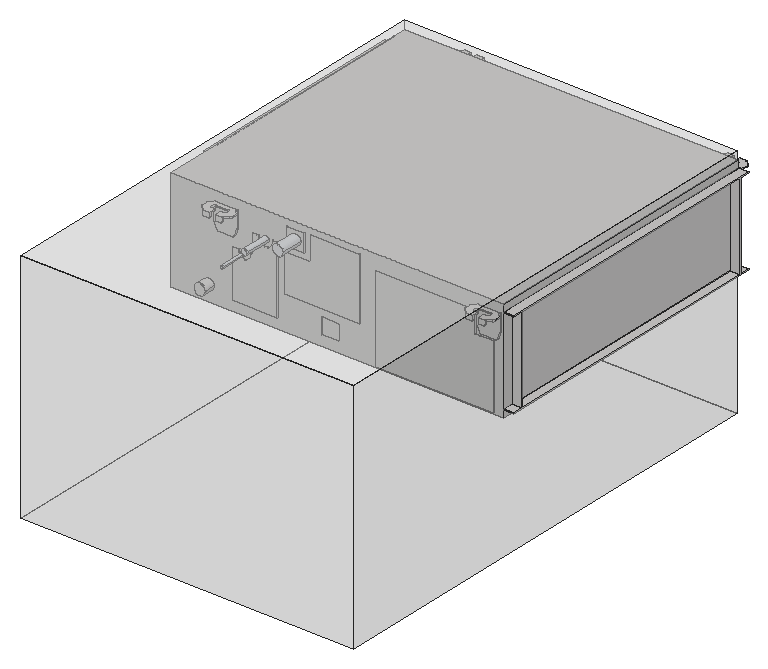
Revit family "outputfile", category 機械設備, Revit 2024
Family settings
  丸型コネクタ寸法 = 半径を使用
  パーツ タイプ = 標準
  OmniClass 番号 = 23.75.10.24.21.27.27
  OmniClass タイトル = Split System Air Conditioning Units
  作業面ベース = いいえ
  常に垂直 = はい
  ロード時にボイドで切り取り = いいえ
  注釈の向きを維持 = いいえ
  共有 = いいえ
  部屋計算ポイント = はい
Parameters (values of type "FXSQ40PAVE9")
  Description = ""
  製造元 = "Daikin"
  書き出し IFC クラス(タイプ) = "IfcUnitaryEquipmentType"
  定義済み IFC タイプ(タイプ) = "AIRCONDITIONINGUNIT"
  Cost = 0
  モデル = "FXSQ40PAVE9"
  Type Comments = ""
  Keynote = ""
  Type Image = (empty or 0)
  Assembly Code = ""
  r_Liquid Pipe Size = Liquid Pipe Size / 2  # 3.2 mm
  r_Gas Pipe Size = Gas Pipe Size / 2  # 6.35 mm
  r_Drain Pipe Size = Drain Pipe Size / 2  # 12.5 mm
  lw_power = 770.0 mm  # constant formula
  lh_SA = 138.0 mm  # constant formula
  lw_SA = if(Depth = 550.0 mm, 225.0 mm, if(Depth = 700.0 mm, 300.0 mm, if(Depth = 1000.0 mm, 450.0 mm, if(Depth = 1400.0 mm, 650.0 mm, 725.0 mm))))  # 300.0 mm
  lw_RA = if(Depth = 550.0 mm, 275.0 mm, if(Depth = 700.0 mm, 349.0 mm, if(Depth = 1000.0 mm, 499.0 mm, if(Depth = 1400.0 mm, 699.0 mm, 775.0 mm))))  # 349.0 mm
  lh_power = 60.0 mm + [h***]  # 60.0 mm
  lh_mountinghole1 = lh_mountinghole + [h***]  # 222.0 mm
  lh_RA = 123.0 mm  # constant formula
  ld_power = Depth / 2  # 350.0 mm
  Voltage_comment_60Hz = "220"
  Voltage_comment_50Hz = "220-240"
  Voltage_60Hz = 220 V
  Voltage_50Hz = 220 V
  URL = ""
  Supply Air Direction [instance] = yes
  Sound Power Level_H speed (dB) = 64
  Phase_60Hz = 1
  Phase_50Hz = 1
  Minimum External Static Pressure = 30.00 Pa
  Minimum Circuit Amps_60Hz = 1.4 A
  Minimum Circuit Amps_50Hz = 1.4 A
  Maximum Fuse Amps_60Hz = 16.0 A
  Maximum Fuse Amps_50Hz = 16.0 A
  Maximum External Static Pressure = 150.00 Pa
  Material_Casing = DAIKIN_GalvanizedSteel_Casing_indoorunit
  lw_mountinghole = 630.0 mm  # constant formula
  lh_gaspipe = 183.0 mm + [h***]  # 183.0 mm
  lh_mountinghole = 222.0 mm  # constant formula
  lh_liquidpipe = 136.0 mm + [h***]  # 136.0 mm
  lh_drainpipe = 207.0 mm + [h***]  # 207.0 mm
  lh_antena = Height - lh_mountinghole + 1.0 mm  # 24.0 mm
  ld_drainpipe = Depth / 2 + 53.0 mm  # 403.0 mm
  ld_liquidpipe = Depth / 2 + 69.0 mm  # 419.0 mm
  ld_gaspipe = Depth / 2 + 65.0 mm  # 415.0 mm
  ld_mountinghole = Depth + 38.0 mm  # 738.0 mm
  h*** = 0.0 mm  # constant formula
  lw_liquidpipe = 179.0 mm  # constant formula
  lw_gaspipe = 229.0 mm  # constant formula
  lw_drainpipe = 300.0 mm  # constant formula
  Width = 800.0 mm
  Version = "ver.1.0"
  Unit Type = "Middle Static Pressure Duct Type"
  Unit Mass Weight = 27.00 kg
  Unit Designation [instance] = ""
  Uniclass2015Version = "Products v1.30"
  Uniclass2015Title = "Variable refrigerant flow units"
  Uniclass2015Code = "Pr_70_65_03_94"
  Total Heating Capacity [instance] = 0.000 kW
  Total Cooling Capacity [instance] = 0.000 kW
  Sound Pressure Level_M speed (dBA) = 0
  Sound Pressure Level_L speed (dBA) = 30
  Sound Pressure Level_H speed (dBA) = 36
  Series = "VRV Fan Coil Unit"
  Sensible Cooling Capacity [instance] = 0.000 kW
  SA Duct Size Width = if(Depth = 550.0 mm, 337.0 mm, if(Depth = 700.0 mm, 492.0 mm, if(Depth = 1000.0 mm, 792.0 mm, if(Depth = 1400.0 mm, 1192.0 mm, 1337.0 mm))))  # 492.0 mm
  SA Duct Size Height = 176.0 mm
  Refrigerant Type = "R410A"
  RA Duct Size Width = if(Depth = 550.0 mm, 502.0 mm, if(Depth = 700.0 mm, 654.0 mm, if(Depth = 1000.0 mm, 952.0 mm, if(Depth = 1400.0 mm, 1352.0 mm, 1502.0 mm))))  # 654.0 mm
  RA Duct Size Height = 208.0 mm
  Power Input (Heating) = 0.157 kW
  Power Input (Cooling) = 0.162 kW
  Option Accessory 3 [instance] = ""
  Option Accessory 2 [instance] = ""
  Option Accessory 1 [instance] = ""
  Nominal Heating Capacity = 5.000 kW
  Nominal Cooling Capacity = 4.500 kW
  Minimum Airflow = 630.00 m³/h
  Median Airflow = 750.00 m³/h
  Maximum Airflow = 900.00 m³/h
  Load Classification = HVAC
  Liquid Pipe Size = 6.4 mm
  Link_Nested Family [instance] = ""
  IfcVersion = "0"
  IfcExportType = "AIRCONDITIONINGUNIT"
  IfcExportAs = "IfcUnitaryEquipmentType"
  Height = 245.0 mm
  Heating Entering Wet Bulb Temperature [instance] = 0.00 °C
  Heating Entering Dry Bulb Temperature [instance] = 0.00 °C
  Heating Ambient Wet Bulb Temperature [instance] = 0.00 °C
  Heating Ambient Dry Bulb Temperature [instance] = 0.00 °C
  Heat Exchanger Type = "Cross Fin Coil"
  Gas Pipe Size = 12.7 mm
  Frequency_60Hz = 60 Hz
  Frequency_50Hz = 50 Hz
  Fan Type = "Sirocco Fan"
  Fan Drive = "Direct Drive"
  FCU Tag No. [instance] = ""
  Drain Pipe Size = 25.0 mm
  Design Supply Airflow [instance] = 0.00 m³/h
  Design Return Airflow [instance] = 0.00 m³/h
  Design External Static Pressure [instance] = 0.00 Pa
  Depth = 700.0 mm
  既定の高さ = 0.0 mm
  Cooling Entering Wet Bulb Temperature [instance] = 0.00 °C
  Cooling Entering Dry Bulb Temperature [instance] = 0.00 °C
  Cooling Ambient Wet Bulb Temperature [instance] = 0.00 °C
  Cooling Ambient Dry Bulb Temperature [instance] = 0.00 °C
  Clearance visibility [instance] = yes
  Clearance Top = 20.0 mm
  Clearance Right = 0.0 mm
  Clearance Rear = 0.0 mm
  Clearance Left = 0.0 mm
  Clearance Front = 450.0 mm
  Clearance Bottom = 300.0 mm
Reference planes
  plane 1 "Center (Front/Back)": y = 0
  plane 2 "h": z = 0
  plane 3 "Center (Left/Right)": x = 0
  plane 4 "Back": y = 350
  plane 5 "Front": y = -350
  plane 6 "Left": x = -400
  plane 7 "Reight": x = 400
  plane 8 "Top": z = 0
  plane 9 "Bottom": z = -245
  plane 10: y = -215
  plane 11: y = 350
  plane 12: y = -800
  plane 13: x = -400
  plane 14: x = 400
  plane 15: z = 20
  plane 16: z = -545
  plane 17: x = -400
  plane 18: x = -399
  plane 19: x = 399
  plane 20: y = 50
  plane 21: y = -1
  plane 22: z = -122
  plane 23: y = -351
  plane 24: z = -109
  plane 25: x = -221
  plane 26: y = -415
  plane 27: z = -62
  plane 28: x = -171
  plane 29: y = -403
  plane 30: z = -38
  plane 31: x = -100
  plane 32: x = -100
  plane 33: x = -221
  plane 34: x = -171
  plane 35: x = 370
  plane 36: x = -266
  plane 37: x = 364
  plane 38: y = -369
  plane 39: y = 369
  plane 40: z = -23
  plane 41: z = -107
  plane 42: y = -420
  plane 43: z = -207
  plane 44: x = -309
  plane 45: y = -376
  plane 46: x = -251
  plane 47: x = -203
  plane 48: x = -144
  plane 49: z = -59
  plane 50: z = -106
  plane 51: z = -221
  plane 52: z = -109
  plane 53: x = -221
  plane 54: z = -62
  plane 55: x = -171
  plane 56: z = -17
  plane 57: z = -59
  plane 58: x = -121
  plane 59: x = -79
  plane 60: x = -125
  plane 61: x = -64
  plane 62: x = 53
  plane 63: z = -164
  plane 64: z = -73
  plane 65: z = -16
  plane 66: x = 93.5
  plane 67: x = 374.5
  plane 68: x = 330
  plane 69: z = -88.5
  plane 70: z = -38
  plane 71: z = -242.5
  plane 72: x = -38.5
  plane 73: x = 6.5
  plane 74: z = -181
  plane 75: z = -221
  plane 76: y = -349
  plane 77: x = -424
  plane 78: x = 424
Forms (mm)
  Extrusion 1, solid, material "DAIKIN_GalvanizedSteel_Casing_indoorunit" <- "Material_Casing"
    sketch origin (0, 0, 0) x (1, 0, 0) y (0, 1, 0)
      loop
        line (-399, 350) -> (-399, -350) -> (399, -350) -> (399, 350) -> (-399, 350)
    from -245 to 0
  Extrusion 2, solid, material "DAIKIN_GalvanizedSteel_Casing_indoorunit" <- "Material_Casing"
    sketch origin (0, 0, 0) x (1, 0, 0) y (0, 0, 1)
      loop
        line (-251, -221) -> (-144, -221) -> (-144, -59) -> (-154.47, -59)
        arc (-154.47, -59) -> (-171, -78.8) -> (-187.53, -59) r 16.8
        line (-187.53, -59) -> (-203, -59) -> (-203, -106) -> (-206.916, -106)
        arc (-206.916, -106) -> (-221, -123.4) -> (-235.084, -106) r 14.4
        line (-235.084, -106) -> (-251, -106) -> (-251, -221)
    from 350 to 351
  Extrusion 3, solid, material "DAIKIN_GalvanizedSteel_Casing_indoorunit" <- "Material_Casing"
    sketch origin (0, 0, 0) x (1, 0, 0) y (0, 0, 1)
      loop
        line (-121, -17) -> (-121, -59) -> (-79, -59) -> (-79, -17) -> (-121, -17)
      loop
        line (-125, -73) -> (-125, -164) -> (53, -164) -> (53, -16) -> (-64, -16) -> (-64, -73) -> (-125, -73)
    from 350 to 351
  Extrusion 4, solid, material "DAIKIN_GalvanizedSteel_Casing_indoorunit" <- "Material_Casing"
    sketch origin (0, 0, 0) x (1, 0, 0) y (0, 0, 1)
      loop
        line (93.5, -38) -> (93.5, -242.5) -> (374.5, -242.5) -> (374.5, -88.5) -> (330, -88.5) -> (330, -38) -> (93.5, -38)
    from 350 to 351
  Extrusion 5, solid
    sketch origin (0, 0, 0) x (1, 0, 0) y (0, 0, 1)
      loop
        circle (-221, -109) r 3.2
    from 350 to 420
  Extrusion 6, solid
    sketch origin (0, 0, 0) x (1, 0, 0) y (0, 0, 1)
      loop
        circle (-171, -62) r 6.35
    from 350 to 415
  Extrusion 7, solid
    sketch origin (0, 0, 0) x (1, 0, 0) y (0, 0, 1)
      loop
        circle (-100, -38) r 12.5
    from 351 to 403
  Extrusion 8, solid, material "DAIKIN_GalvanizedSteel_Casing_indoorunit" <- "Material_Casing"
    sketch origin (0, 0, 0) x (1, 0, 0) y (0, 0, 1)
      loop
        circle (-309, -207) r 13
    from 350 to 376
  Extrusion 9, void
    sketch origin (0, 0, 0) x (1, 0, 0) y (0, 0, 1)
      loop
        line (-38.5, -181) -> (-38.5, -221) -> (6.5, -221) -> (6.5, -181) -> (-38.5, -181)
    from 349 to 350
Cuts and joins
  Extrusion 9 cuts Extrusion 1
Dimensions and locks
  "Height": plane 8 "Top" to plane 9 "Bottom"
  equal spacing: plane 4 "Back", plane 1 "Center (Front/Back)", plane 5 "Front"
  "Depth": plane 4 "Back" to plane 5 "Front"
  equal spacing: plane 6 "Left", plane 3 "Center (Left/Right)", plane 7 "Reight"
  "Width": plane 6 "Left" to plane 7 "Reight"
  "Clearance Left": plane 13 to plane 6 "Left"
  "Clearance Right": plane 7 "Reight" to plane 14
  "Clearance Rear": plane 11 to plane 4 "Back"
  "Clearance Front": plane 5 "Front" to plane 12
  "Clearance Top": plane 15 to plane 8 "Top"
  "Clearance Bottom": plane 9 "Bottom" to plane 16
  locked: plane 17 to plane 18 at 1
  locked: plane 19 to plane 14 at 1
  "lw_SA": plane 11 to plane 20
  "lw_RA": plane 21 to plane 5 "Front"
  "lh_RA": plane 22 to plane 9 "Bottom"
  locked: plane 5 "Front" to plane 23 at 1
  "lw_liquidpipe": plane 25 to plane 6 "Left"
  "lh_liquidpipe": plane 24 to plane 9 "Bottom"
  "lh_gaspipe": plane 27 to plane 9 "Bottom"
  "lw_gaspipe": plane 28 to plane 6 "Left"
  "ld_gaspipe": plane 26 to plane 1 "Center (Front/Back)"
  "ld_drainpipe": plane 29 to plane 1 "Center (Front/Back)"
  "lh_drainpipe": plane 30 to plane 9 "Bottom"
  "lw_drainpipe": plane 31 to plane 6 "Left"
  "lw_drainpipe": plane 6 "Left" to plane 32
  "lw_liquidpipe": plane 6 "Left" to plane 33
  "lw_gaspipe": plane 6 "Left" to plane 34
  "lw_power": plane 6 "Left" to plane 35
  locked: plane 17 to plane 36 at 134
  "lw_mountinghole": plane 36 to plane 37
  equal spacing: plane 38, plane 1 "Center (Front/Back)", plane 39
  "ld_mountinghole": plane 39 to plane 38
  "lh_mountinghole": plane 40 to plane 9 "Bottom"
  "lh_SA": plane 41 to plane 9 "Bottom"
  "ld_liquidpipe": plane 21 to plane 42
  locked: plane 44 to plane 6 "Left" at 91
  locked: plane 43 to plane 9 "Bottom" at 38
  locked: plane 5 "Front" to plane 45 at 26
  plane 48 to plane 47 to plane 46 to plane 6 "Left" = 59.0 mm, 48.0 mm, 149.0 mm
  plane 8 "Top" to plane 49 to plane 50 to plane 51 = 59.0 mm locked, 47.0 mm locked, 115.0 mm locked
  plane 55 to plane 53 to plane 6 "Left" = 50.0 mm locked, 179.0 mm locked
  plane 54 to plane 52 to plane 9 "Bottom" = 47.0 mm locked, 136.0 mm locked
  plane 59 to plane 58 to plane 6 "Left" = 42.0 mm locked, 279.0 mm locked
  plane 8 "Top" to plane 56 to plane 57 = 17.0 mm locked, 42.0 mm locked
  plane 62 to plane 61 to plane 60 to plane 6 "Left" = 117.0 mm, 61.0 mm, 275.0 mm
  plane 8 "Top" to plane 65 to plane 64 = 16.0 mm locked, 57.0 mm locked
  locked: plane 65 to plane 63 at 148
  plane 8 "Top" to plane 70 to plane 69 to plane 71 = 38.0 mm locked, 50.5 mm locked, 154.0 mm locked
  plane 67 to plane 68 to plane 66 to plane 6 "Left" = 44.5 mm locked, 236.5 mm locked, 493.5 mm locked
  plane 8 "Top" to plane 74 to plane 75 = 181.0 mm locked, 40.0 mm locked
  plane 73 to plane 72 to plane 6 "Left" = 45.0 mm, 361.5 mm
  locked: plane 76 to plane 5 "Front" at 1
  locked: plane 77 to plane 17 at 24
  locked: plane 14 to plane 78 at 24
  "r_Liquid Pipe Size": radius of Extrusion 5 sketch curve
  "r_Gas Pipe Size": radius of Extrusion 6 sketch curve
  "r_Drain Pipe Size": radius of Extrusion 7 sketch curve
  aligned and locked: level to plane 2 "h"
  aligned and locked: plane 8 "Top" to Extrusion 1
  aligned and locked: Extrusion 1 to plane 9 "Bottom"
  aligned and locked: nested 5 to plane 12
  aligned and locked: plane 13 to nested 5
  aligned and locked: plane 14 to nested 5
  aligned and locked: nested 5 to plane 13
  aligned and locked: plane 11 to nested 5
  aligned and locked: plane 15 to nested 5
  aligned and locked: plane 16 to nested 5
  aligned and locked: plane 5 "Front" to Extrusion 1 sketch curve
  aligned and locked: Extrusion 1 to plane 18
  aligned and locked: plane 19 to Extrusion 1
  aligned and locked: nested 7 to plane 18
  aligned and locked: nested 7 to plane 20
  aligned and locked: plane 19 to nested 8
  aligned and locked: plane 21 to nested 8
  aligned and locked: plane 22 to nested 8
  aligned and locked: Extrusion 2 to plane 23
  aligned and locked: plane 5 "Front" to Extrusion 2
  aligned and locked: Extrusion 3 to plane 23
  aligned and locked: plane 5 "Front" to Extrusion 3
  aligned and locked: plane 5 "Front" to Extrusion 4
  aligned and locked: Extrusion 5 sketch curve to plane 25
  aligned and locked: plane 24 to Extrusion 5 sketch curve
  aligned and locked: plane 5 "Front" to Extrusion 5
  aligned and locked: Extrusion 6 sketch curve to plane 28
  aligned and locked: plane 27 to Extrusion 6 sketch curve
  aligned and locked: plane 5 "Front" to Extrusion 6
  aligned and locked: Extrusion 7 sketch curve to plane 31
  aligned and locked: Extrusion 7 sketch curve to plane 30
  aligned and locked: Extrusion 7 to plane 29
  aligned and locked: plane 23 to Extrusion 7
  aligned and locked: nested 3 to plane 29
  aligned and locked: plane 32 to nested 3
  aligned and locked: nested 2 to plane 33
  aligned and locked: nested 1 to plane 34
  aligned and locked: Extrusion 6 to plane 26
  aligned and locked: nested 1 to plane 26
  aligned and locked: nested 6 to plane 5 "Front"
  aligned and locked: nested 6 to plane 35
  aligned and locked: plane 36 to nested 10
  aligned and locked: nested 10 to plane 5 "Front"
  aligned and locked: plane 37 to nested 9
  aligned and locked: nested 9 to plane 5 "Front"
  aligned and locked: nested 11 to plane 36
  aligned and locked: plane 4 "Back" to nested 11
  aligned and locked: nested 12 to plane 37
  aligned and locked: plane 4 "Back" to nested 12
  aligned and locked: plane 40 to nested 10
  aligned and locked: plane 40 to nested 11
  aligned and locked: plane 40 to nested 9
  aligned and locked: plane 40 to nested 12
  aligned and locked: plane 36 to nested 14
  aligned and locked: nested 14 to plane 39
  aligned and locked: plane 37 to nested 13
  aligned and locked: nested 13 to plane 39
  aligned and locked: plane 37 to nested 16
  aligned and locked: plane 38 to nested 16
  aligned and locked: plane 38 to nested 15
  aligned and locked: plane 36 to nested 15
  aligned and locked: plane 17 to plane 6 "Left"
  aligned and locked: plane 41 to nested 7
  aligned and locked: Extrusion 5 to plane 42
  aligned and locked: nested 2 to plane 42
  aligned and locked: Extrusion 8 sketch curve to plane 44
  aligned and locked: plane 43 to Extrusion 8 sketch curve
  aligned and locked: plane 5 "Front" to Extrusion 8
  aligned and locked: plane 45 to Extrusion 8
  aligned and locked: Extrusion 3 sketch curve to plane 56
  aligned and locked: Extrusion 3 sketch curve to plane 58
  aligned and locked: plane 57 to Extrusion 3 sketch curve
  aligned and locked: plane 59 to Extrusion 3 sketch curve
  aligned and locked: Extrusion 4 to plane 23
  aligned and locked: Extrusion 9 sketch curve to plane 74
  aligned and locked: plane 75 to Extrusion 9 sketch curve
  aligned and locked: plane 73 to Extrusion 9 sketch curve
  aligned and locked: plane 5 "Front" to Extrusion 9
  aligned and locked: plane 76 to Extrusion 9
  aligned and locked: nested 17 to plane 20
  aligned and locked: nested 17 to plane 77
  aligned and locked: plane 21 to nested 18
  aligned and locked: plane 78 to nested 18
  aligned and locked: plane 41 to nested 17
  aligned and locked: nested 18 to plane 22
  aligned and locked: nested 4 to plane 3 "Center (Left/Right)"
  aligned and locked: plane 1 "Center (Front/Back)" to nested 4
  aligned and locked: plane 8 "Top" to level
Automatic sketch dimensions
  plane 6 "Left" to Extrusion 1 sketch curve = 1.0 mm
  Extrusion 1 sketch curve to plane 7 "Reight" = 1.0 mm
  Extrusion 1 sketch curve to plane 4 "Back" = 0.0 mm
  Extrusion 2 sketch curve to plane 46 = 0.0 mm
  Extrusion 2 sketch curve to plane 33 = 0.0 mm
  Extrusion 2 sketch curve to plane 47 = 0.0 mm
  Extrusion 2 sketch curve to plane 34 = 0.0 mm
  Extrusion 2 sketch curve to plane 48 = 0.0 mm
  Extrusion 2 sketch curve to plane 51 = 0.0 mm
  Extrusion 2 sketch curve to plane 52 = 0.0 mm
  Extrusion 2 sketch curve to plane 50 = 0.0 mm  (x3)
  Extrusion 2 sketch curve to plane 54 = 0.0 mm
  Extrusion 2 sketch curve to plane 49 = 0.0 mm  (x3)
  plane 33 to Extrusion 2 sketch curve = 14.084 mm
  plane 34 to Extrusion 2 sketch curve = 16.53 mm
  Extrusion 3 sketch curve to plane 60 = 0.0 mm
  Extrusion 3 sketch curve to plane 61 = 0.0 mm
  Extrusion 3 sketch curve to plane 62 = 0.0 mm
  Extrusion 3 sketch curve to plane 63 = 0.0 mm
  Extrusion 3 sketch curve to plane 64 = 0.0 mm
  Extrusion 3 sketch curve to plane 65 = 0.0 mm
  Extrusion 4 sketch curve to plane 66 = 0.0 mm
  Extrusion 4 sketch curve to plane 68 = 0.0 mm
  Extrusion 4 sketch curve to plane 67 = 0.0 mm
  Extrusion 4 sketch curve to plane 71 = 0.0 mm
  Extrusion 4 sketch curve to plane 69 = 0.0 mm
  Extrusion 4 sketch curve to plane 70 = 0.0 mm
  Extrusion 9 sketch curve to plane 72 = 0.0 mm
  radius of Extrusion 8 sketch curve = 13.0 mm
Nested families
  nested 1: "daikin_connector_rotate2" at (-171, 0, -62), length <- "ld_gaspipe", built-in parameter 1001364 <- "lh_gaspipe", radius <- "r_Gas Pipe Size", type "daikin_connector_rotate2"
    with radius 6.35 mm, length 415.0 mm, angle_vertical 90.00°
  nested 2: "daikin_connector_rotate2" at (-221, -1, -109), length <- "ld_liquidpipe", built-in parameter 1001364 <- "lh_liquidpipe", radius <- "r_Liquid Pipe Size", type "daikin_connector_rotate2"
    with radius 3.2 mm, length 419.0 mm, angle_vertical 90.00°
  nested 3: "daikin_connector_rotate2" at (-100, 0, -38), length <- "ld_drainpipe", built-in parameter 1001364 <- "lh_drainpipe", radius <- "r_Drain Pipe Size", type "daikin_connector_rotate2"
    with radius 12.5 mm, length 403.0 mm, angle_vertical 90.00°
  nested 4: "daikin_△_symbolicline" at (0, 0, 245) x (0, -1, 0) z (0, 0, 1), built-in parameter 1001364 <- "Height", visible <- "Supply Air Direction", type "daikin_△_symbolicline"
    with length 200.0 mm
  nested 5: "daikin_clearancespace" at (0, -225, -262.381), visible <- "Clearance visibility", show <- "Clearance visibility", Link_Nested Family <- "Link_Nested Family", type "daikin_clearancespace"
    with width 800.0 mm, show yes, height 565.0 mm, depth 1150.0 mm, Link_Nested Family ""
  nested 6: "daikin_connector_rotate2" at (370, 0, -185), built-in parameter 1001364 <- "lh_power", length <- "ld_power", type "daikin_connector_rotate2"
    with radius 10.0 mm, length 350.0 mm, angle_vertical 90.00°
  nested 7: "daikin_ductflange_FXSQ-PAVE9_2" at (-399, 50, -107) x (0, -1, 0) z (0, 0, 1), type "daikin_ductflange_FXSQ-PAVE9_2"
    with width 492.0 mm, w 700.0 mm
  nested 8: "daikin_ductflange_FXSQ-PAVE9_1" at (399, -1, -122) x (0, 1, 0) z (0, 0, 1), type "daikin_ductflange_FXSQ-PAVE9_1"
    with width 654.0 mm, w 700.0 mm
  nested 9: "daikin_hangerfixture_FXSQ-PAVE9" at (364, -350, -23), type "daikin_hangerfixture_FXSQ-PAVE9"
  nested 10: "daikin_hangerfixture_FXSQ-PAVE9" at (-266, -350, -23), type "daikin_hangerfixture_FXSQ-PAVE9"
  nested 11: "daikin_hangerfixture_FXSQ-PAVE9" at (-266, 350, -23) x (-1, 0, 0) z (0, 0, 1), type "daikin_hangerfixture_FXSQ-PAVE9"
  nested 12: "daikin_hangerfixture_FXSQ-PAVE9" at (364, 350, -23) x (-1, 0, 0) z (0, 0, 1), type "daikin_hangerfixture_FXSQ-PAVE9"
  nested 13: "daikin_mountinghole" at (364, 369, -245), h_mountinghole <- "lh_mountinghole1", l_antenna <- "lh_antena", Link_Nested Family <- "Link_Nested Family", type "daikin_mountinghole"
    with show yes, l_antenna 24.0 mm, h_mountinghole 222.0 mm, Link_Nested Family ""
  nested 14: "daikin_mountinghole" at (-266, 369, -245), h_mountinghole <- "lh_mountinghole1", l_antenna <- "lh_antena", Link_Nested Family <- "Link_Nested Family", type "daikin_mountinghole"
    with show yes, l_antenna 24.0 mm, h_mountinghole 222.0 mm, Link_Nested Family ""
  nested 15: "daikin_mountinghole" at (-266, -369, -245), h_mountinghole <- "lh_mountinghole1", l_antenna <- "lh_antena", Link_Nested Family <- "Link_Nested Family", type "daikin_mountinghole"
    with show yes, l_antenna 24.0 mm, h_mountinghole 222.0 mm, Link_Nested Family ""
  nested 16: "daikin_mountinghole" at (364, -369, -245), h_mountinghole <- "lh_mountinghole1", l_antenna <- "lh_antena", Link_Nested Family <- "Link_Nested Family", type "daikin_mountinghole"
    with show yes, l_antenna 24.0 mm, h_mountinghole 222.0 mm, Link_Nested Family ""
  nested 17: "daikin_connector_rotate2" at (-400, 50, -107) x (0, -1, 0) z (0, 0, 1), type "daikin_connector_rotate2"
    with radius 10.0 mm, length 24.0 mm, angle_vertical 90.00°
  nested 18: "daikin_connector_rotate2" at (400, -1, -122) x (0, 1, 0) z (0, 0, 1), type "daikin_connector_rotate2"
    with radius 10.0 mm, length 24.0 mm, angle_vertical 90.00°
Connectors
  piping at (-100, -403, -38), diameter 25, driven by "r_Drain Pipe Size"
    settings: on nested 3, index 3, connector inside diameter 609.6 mm, connector length 0.0 mm, flow factor 0, pipe flow 0.00 m³/h, pressure drop 0.0 Pa, fitting loss kfactor 0, connector angle 0.00°, fixture units 0, engagement length 0.0 mm, angle of deflection 0.00°, flow configuration 1, flow direction 2, fitting loss method 4, system type 16, joint type 0, gender type 0, connector reference index -1, connector utility 0, adjustable connector no, is connector primary yes, connector description "Condensate Drain Piping"
  piping at (-171, -415, -62), diameter 12.7, driven by "r_Gas Pipe Size"
    settings: on nested 1, index 4, connector inside diameter 609.6 mm, connector length 0.0 mm, flow factor 0, pipe flow 0.00 m³/h, pressure drop 0.0 Pa, fitting loss kfactor 0, connector angle 0.00°, fixture units 0, engagement length 0.0 mm, angle of deflection 0.00°, flow configuration 1, flow direction 2, fitting loss method 0, system type 29, joint type 0, gender type 0, connector reference index -1, connector utility 0, adjustable connector no, is connector primary no, connector description "Refrigerant Gas Piping"
  piping at (-221, -420, -109), diameter 6.4, driven by "r_Liquid Pipe Size"
    settings: on nested 2, index 5, connector inside diameter 609.6 mm, connector length 0.0 mm, flow factor 0, pipe flow 0.00 m³/h, pressure drop 0.0 Pa, fitting loss kfactor 0, connector angle 0.00°, fixture units 0, engagement length 0.0 mm, angle of deflection 0.00°, flow configuration 1, flow direction 1, fitting loss method 0, system type 29, joint type 0, gender type 0, connector reference index -1, connector utility 0, adjustable connector no, is connector primary no, connector description "Refrigerant Liquid Piping"
  electrical at (370, -350, -185), driven by "Load Classification"
    settings: on nested 6, index 6, voltage 0 V, apparent load 0 VA, apparent load phase1 0 VA, apparent load phase2 0 VA, apparent load phase3 0 VA, power factor 1, load classification "HVAC", number of poles 1, system type 30, power factor state 1, is connector primary yes, connector utility no, sub classification motor no, connector description "Power Supply"
  hvac at (-424, 50, -107), driven by "SA Duct Size Height", driven by "SA Duct Size Width"
    settings: on nested 17, index 7, duct flow 0.00 m³/h, flow factor 0, pres drop 0.00 Pa, loss coef 0, conn angle 0.00°, conn width 492.0 mm, conn height 176.0 mm, conn diameter 609.6 mm, duct sys type 1, conn prof type 1, flow config 0, flow direction 2, loss method 4, conn ref index -1, conn util no, is conn primary yes, conn desc "SA Duct"
  hvac at (424, -1, -122), driven by "RA Duct Size Height", driven by "RA Duct Size Width"
    settings: on nested 18, index 8, duct flow 0.00 m³/h, flow factor 0, pres drop 0.00 Pa, loss coef 0, conn angle 0.00°, conn width 654.0 mm, conn height 208.0 mm, conn diameter 609.6 mm, duct sys type 2, conn prof type 1, flow config 0, flow direction 1, loss method 4, conn ref index -1, conn util no, is conn primary no, conn desc "RA Duct"
Definition of nested family "daikin_clearancespace"
  Parameters (values of type "daikin_clearancespace")
    width [instance] = 1823.963 mm
    show [instance] = yes
    material = none
    height [instance] = 1359.762 mm
    depth [instance] = 880.0 mm
    Default Elevation = 0.0 mm
    Link_Nested Family [instance] = ""
  Reference planes
    plane 1 "Center (Front/Back)": y = 0
    plane 2 "Center (Elevation)": z = -0.119
    plane 3 "Center (Left/Right)": x = 0
    plane 4: y = 440
    plane 5: y = -440
    plane 6 "Right": x = 911.982
    plane 7 "Left": x = -911.982
    plane 8 "Top": z = 679.762
    plane 9 "Bottom": z = -680
  Forms (mm)
    Extrusion 1, solid, material <- "material", visible <- "show"
      sketch origin (0, 0, 0) x (1, 0, 0) y (0, 1, 0)
        loop
          line (-911.982, 440) -> (-911.982, -440) -> (911.982, -440) -> (911.982, 440) -> (-911.982, 440)
      from -680 to 679.762
  Lines and regions (mm)
    symbolic lines, visible <- "show"
      curve 1: line (911.982, 440, 0) -> (-911.982, 440, 0)
      curve 2: line (-911.982, 440, 0) -> (-911.982, -440, 0)
      curve 3: line (-911.982, -440, 0) -> (911.982, -440, 0)
      curve 4: line (911.982, -440, 0) -> (911.982, 440, 0)
      curve 5: line (911.982, 0, 679.762) -> (-911.982, 0, 679.762)
      curve 6: line (911.982, 0, -680) -> (911.982, 0, 679.762)
      curve 7: line (-911.982, 0, -680) -> (911.982, 0, -680)
      curve 8: line (-911.982, 0, 679.762) -> (-911.982, 0, -680)
      curve 9: line (0, 440, 679.762) -> (0, -440, 679.762)
      curve 10: line (0, -440, 679.762) -> (0, -440, -680)
      curve 11: line (0, 440, -680) -> (0, 440, 679.762)
      curve 12: line (0, -440, -680) -> (0, 440, -680)
  Dimensions and locks
    "width": plane 7 "Left" to plane 6 "Right"
    "depth": plane 4 to plane 5
    "height": plane 8 "Top" to plane 9 "Bottom"
    equal spacing: plane 7 "Left", plane 3 "Center (Left/Right)", plane 6 "Right"
    equal spacing: plane 4, plane 1 "Center (Front/Back)", plane 5
    equal spacing: plane 8 "Top", plane 2 "Center (Elevation)", plane 9 "Bottom"
    aligned and locked: level to plane 2 "Center (Elevation)"
    aligned and locked: Extrusion 1 sketch curve to plane 4
    aligned and locked: plane 7 "Left" to Extrusion 1 sketch curve
    aligned and locked: Extrusion 1 sketch curve to plane 5
    aligned and locked: Extrusion 1 sketch curve to plane 6 "Right"
    aligned and locked: plane 8 "Top" to Extrusion 1
    aligned and locked: curve 1 to Extrusion 1
    aligned and locked: curve 2 to Extrusion 1
    aligned and locked: curve 3 to Extrusion 1
    aligned and locked: curve 4 to Extrusion 1
    aligned and locked: curve 5 to Extrusion 1
    aligned and locked: curve 6 to Extrusion 1
    aligned and locked: curve 7 to Extrusion 1
    aligned and locked: curve 8 to Extrusion 1
    aligned and locked: curve 9 to Extrusion 1
    aligned and locked: curve 10 to Extrusion 1
    aligned and locked: curve 11 to Extrusion 1
    aligned and locked: curve 12 to Extrusion 1
    aligned and locked: Extrusion 1 to plane 9 "Bottom"
Definition of nested family "daikin_ductflange_FXSQ-PAVE9_2"
  Parameters (values of type "daikin_ductflange_FXMQ-PAVE2")
    width = if(w = 550.0 mm, 337.0 mm, if(w = 700.0 mm, 492.0 mm, if(w = 1000.0 mm, 792.0 mm, if(w = 1400.0 mm, 1192.0 mm, 1337.0 mm))))  # 337.0 mm
    material = none
    height = 215.0 mm
    depth = 1.0 mm
    w = 550.0 mm
    Default Elevation = 0.0 mm
  Reference planes
    plane 1 "Center (Front/Back)": y = 0
    plane 2: z = 0
    plane 3 "Center (Left/Right)": x = 0
    plane 4: z = 88
    plane 5: z = -88
    plane 6: y = -25
    plane 7: z = 106
    plane 8: z = 89
    plane 9: y = -1
    plane 10: x = -192.5
    plane 11: x = 192.5
    plane 12: z = -106
    plane 13: z = -89
    plane 14: y = -1
    plane 15: x = 168.5
    plane 16: x = -168.5
    plane 17: x = 169.5
    plane 18: z = 87
    plane 19: z = -87
    plane 20: x = -169.5
    plane 21: z = 87
    plane 22: z = -87
    plane 23: y = -1
  Forms (mm)
    Extrusion 1, solid, material <- "material"
      sketch origin (0, 0, 0) x (0, 1, 0) y (0, 0, 1)
        loop
          line (-25, 88) -> (0, 88) -> (0, 106) -> (-1, 106) -> (-1, 89) -> (-25, 89) -> (-25, 88)
      from -192.5 to 192.5
    Extrusion 2, solid, material <- "material"
      sketch origin (0, 0, 0) x (0, 1, 0) y (0, 0, 1)
        loop
          line (-25, -88) -> (-25, -89) -> (-1, -89) -> (-1, -106) -> (0, -106) -> (0, -88) -> (-25, -88)
      from -192.5 to 192.5
    Extrusion 3, solid, material <- "material"
      sketch origin (0, 0, 0) x (1, 0, 0) y (0, 0, 1)
        loop
          line (168.5, 88) -> (168.5, -88) -> (192.5, -88) -> (192.5, -87) -> (169.5, -87) -> (169.5, 87) -> (192.5, 87) -> (192.5, 88) -> (168.5, 88)
      from 0 to 25
    Extrusion 4, solid, material <- "material"
      sketch origin (0, 0, 0) x (1, 0, 0) y (0, 0, 1)
        loop
          line (-192.5, 88) -> (-192.5, 87) -> (-169.5, 87) -> (-169.5, -87) -> (-192.5, -87) -> (-192.5, -88) -> (-168.5, -88) -> (-168.5, 88) -> (-192.5, 88)
      from 0 to 25
    Extrusion 5, solid, material <- "material"
      sketch origin (0, 0, 0) x (1, 0, 0) y (0, 0, 1)
        loop
          line (-192.5, 88) -> (-192.5, -88) -> (-168.5, -88) -> (-168.5, 88) -> (-192.5, 88)
        loop
          line (192.5, 88) -> (168.5, 88) -> (168.5, -88) -> (192.5, -88) -> (192.5, 88)
      from 0 to 1
  Cuts and joins
    joined: Extrusion 1, Extrusion 2, Extrusion 3, Extrusion 4, Extrusion 5
  Dimensions and locks
    plane 4 to level to plane 5 = 88.0 mm, 88.0 mm
    locked: plane 6 to plane 1 "Center (Front/Back)" at 25
    locked: plane 9 to plane 1 "Center (Front/Back)" at 1
    locked: plane 8 to plane 4 at 1
    locked: plane 16 to plane 10 at 24
    locked: plane 17 to plane 15 at 1
    locked: plane 4 to plane 18 at 1
    locked: plane 19 to plane 5 at 1
    "width": plane 15 to plane 16
    plane 4 to plane 5 = 176.0 mm
    locked: plane 16 to plane 20 at 1
    locked: plane 4 to plane 21 at 1
    locked: plane 22 to plane 5 at 1
    locked: plane 23 to plane 1 "Center (Front/Back)" at 1
    plane 4 to level to plane 5 = 88.0 mm locked, 88.0 mm locked
    locked: plane 5 to plane 13 at 1
    locked: plane 5 to plane 12 at 18
    locked: plane 7 to plane 4 at 18
    equal spacing: plane 15, plane 3 "Center (Left/Right)", plane 16
    locked: plane 11 to plane 15 at 24
    plane 11 to plane 10 = 385.0 mm
    aligned and locked: level to plane 2
    aligned and locked: Extrusion 1 to plane 10
    aligned and locked: plane 11 to Extrusion 1
    aligned and locked: plane 5 to Extrusion 2
    aligned and locked: Extrusion 2 to plane 1 "Center (Front/Back)"
    aligned and locked: plane 15 to Extrusion 3 sketch curve
    aligned and locked: Extrusion 3 sketch curve to Extrusion 2  (x2)
    aligned and locked: Extrusion 3 sketch curve to plane 11
    aligned and locked: plane 6 to Extrusion 3
    aligned and locked: Extrusion 2 to plane 10
    aligned and locked: plane 11 to Extrusion 2
    aligned and locked: Extrusion 4 sketch curve to Extrusion 1  (x2)
    aligned and locked: plane 5 to Extrusion 4 sketch curve
    aligned and locked: Extrusion 4 sketch curve to plane 16
    aligned and locked: Extrusion 4 sketch curve to plane 22
    aligned and locked: plane 20 to Extrusion 4 sketch curve
    aligned and locked: plane 21 to Extrusion 4 sketch curve
    aligned and locked: Extrusion 4 to plane 1 "Center (Front/Back)"
    aligned and locked: plane 6 to Extrusion 4
    aligned and locked: Extrusion 5 sketch curve to Extrusion 1  (x4)
    aligned and locked: Extrusion 5 sketch curve to Extrusion 4  (x2)
    aligned and locked: Extrusion 5 sketch curve to Extrusion 3  (x2)
    aligned and locked: Extrusion 5 to plane 1 "Center (Front/Back)"
    aligned and locked: plane 23 to Extrusion 5
  Automatic sketch dimensions
    Extrusion 1 sketch curve to plane 6 = 0.0 mm
    Extrusion 1 sketch curve to plane 7 = 0.0 mm
    Extrusion 1 sketch curve to plane 9 = 0.0 mm
    Extrusion 1 sketch curve to plane 1 "Center (Front/Back)" = 0.0 mm
    Extrusion 1 sketch curve to plane 4 = 0.0 mm
    Extrusion 1 sketch curve to plane 8 = 0.0 mm
    Extrusion 2 sketch curve to plane 6 = 0.0 mm
    plane 12 to Extrusion 2 sketch curve = 0.0 mm
    Extrusion 2 sketch curve to plane 14 = 0.0 mm
    Extrusion 2 sketch curve to plane 1 "Center (Front/Back)" = 0.0 mm
    plane 13 to Extrusion 2 sketch curve = 0.0 mm
    Extrusion 2 sketch curve to plane 5 = 0.0 mm
    Extrusion 3 sketch curve to plane 17 = 0.0 mm
    Extrusion 3 sketch curve to plane 19 = 0.0 mm
    Extrusion 3 sketch curve to plane 18 = 0.0 mm
    Extrusion 3 sketch curve to plane 4 = 0.0 mm
    Extrusion 4 sketch curve to plane 10 = 0.0 mm
Definition of nested family "daikin_ductflange_FXSQ-PAVE9_1"
  Parameters (values of type "daikin_ductflange_FXMQ-PAVE")
    width = if(w = 550.0 mm, 502.0 mm, if(w = 700.0 mm, 654.0 mm, if(w = 1000.0 mm, 952.0 mm, if(w = 1400.0 mm, 1352.0 mm, 1502.0 mm))))  # 502.0 mm
    material = none
    height = 208.0 mm
    depth = 1.0 mm
    w = 550.0 mm
    Default Elevation = 0.0 mm
  Reference planes
    plane 1 "Center (Front/Back)": y = 0
    plane 2: z = 0
    plane 3 "Center (Left/Right)": x = 0
    plane 4: z = 104
    plane 5: z = -104
    plane 6: y = -25
    plane 7: z = 121
    plane 8: z = 105
    plane 9: y = -1
    plane 10: x = -275
    plane 11: x = 275
    plane 12: z = -122
    plane 13: z = -105
    plane 14: y = -1
    plane 15: x = 251
    plane 16: x = -251
    plane 17: x = 252
    plane 18: z = 103
    plane 19: z = -103
    plane 20: x = -252
    plane 21: z = 103
    plane 22: z = -103
    plane 23: y = -1
  Forms (mm)
    Extrusion 1, solid, material <- "material"
      sketch origin (0, 0, 0) x (0, 1, 0) y (0, 0, 1)
        loop
          line (-25, 104) -> (0, 104) -> (0, 121) -> (-1, 121) -> (-1, 105) -> (-25, 105) -> (-25, 104)
      from -275 to 275
    Extrusion 2, solid, material <- "material"
      sketch origin (0, 0, 0) x (0, 1, 0) y (0, 0, 1)
        loop
          line (-25, -104) -> (-25, -105) -> (-1, -105) -> (-1, -122) -> (0, -122) -> (0, -104) -> (-25, -104)
      from -275 to 275
    Extrusion 3, solid, material <- "material"
      sketch origin (0, 0, 0) x (1, 0, 0) y (0, 0, 1)
        loop
          line (251, 104) -> (251, -104) -> (275, -104) -> (275, -103) -> (252, -103) -> (252, 103) -> (275, 103) -> (275, 104) -> (251, 104)
      from 0 to 25
    Extrusion 4, solid, material <- "material"
      sketch origin (0, 0, 0) x (1, 0, 0) y (0, 0, 1)
        loop
          line (-275, 104) -> (-275, 103) -> (-252, 103) -> (-252, -103) -> (-275, -103) -> (-275, -104) -> (-251, -104) -> (-251, 104) -> (-275, 104)
      from 0 to 25
    Extrusion 5, solid, material <- "material"
      sketch origin (0, 0, 0) x (1, 0, 0) y (0, 0, 1)
        loop
          line (-275, 104) -> (-275, -104) -> (-251, -104) -> (-251, 104) -> (-275, 104)
        loop
          line (275, 104) -> (251, 104) -> (251, -104) -> (275, -104) -> (275, 104)
      from 0 to 1
  Cuts and joins
    joined: Extrusion 1, Extrusion 2, Extrusion 3, Extrusion 4, Extrusion 5
  Dimensions and locks
    plane 4 to level to plane 5 = 104.0 mm, 104.0 mm
    locked: plane 6 to plane 1 "Center (Front/Back)" at 25
    locked: plane 9 to plane 1 "Center (Front/Back)" at 1
    locked: plane 8 to plane 4 at 1
    locked: plane 11 to plane 15 at 24
    locked: plane 16 to plane 10 at 24
    locked: plane 17 to plane 15 at 1
    locked: plane 4 to plane 18 at 1
    locked: plane 19 to plane 5 at 1
    "width": plane 15 to plane 16
    equal spacing: plane 15, plane 3 "Center (Left/Right)", plane 16
    locked: plane 16 to plane 20 at 1
    locked: plane 4 to plane 21 at 1
    locked: plane 22 to plane 5 at 1
    locked: plane 23 to plane 1 "Center (Front/Back)" at 1
    locked: plane 7 to plane 4 at 17
    locked: plane 1 "Center (Front/Back)" to plane 14 at 1
    locked: plane 5 to plane 13 at 1
    "height": plane 4 to plane 5
    plane 11 to plane 10 = 550.0 mm
    locked: plane 12 to plane 13 at 17
    equal spacing: plane 4, level, plane 5
    aligned and locked: level to plane 2
    aligned and locked: Extrusion 1 to plane 10
    aligned and locked: plane 11 to Extrusion 1
    aligned and locked: plane 5 to Extrusion 2
    aligned and locked: Extrusion 2 to plane 1 "Center (Front/Back)"
    aligned and locked: plane 15 to Extrusion 3 sketch curve
    aligned and locked: Extrusion 3 sketch curve to Extrusion 2  (x2)
    aligned and locked: Extrusion 3 sketch curve to plane 11
    aligned and locked: plane 6 to Extrusion 3
    aligned and locked: Extrusion 2 to plane 10
    aligned and locked: plane 11 to Extrusion 2
    aligned and locked: Extrusion 4 sketch curve to Extrusion 1  (x2)
    aligned and locked: plane 5 to Extrusion 4 sketch curve
    aligned and locked: Extrusion 4 sketch curve to plane 16
    aligned and locked: Extrusion 4 sketch curve to plane 22
    aligned and locked: plane 20 to Extrusion 4 sketch curve
    aligned and locked: plane 21 to Extrusion 4 sketch curve
    aligned and locked: Extrusion 4 to plane 1 "Center (Front/Back)"
    aligned and locked: plane 6 to Extrusion 4
    aligned and locked: Extrusion 5 sketch curve to Extrusion 1  (x4)
    aligned and locked: Extrusion 5 sketch curve to Extrusion 4  (x2)
    aligned and locked: Extrusion 5 sketch curve to Extrusion 3  (x2)
    aligned and locked: Extrusion 5 to plane 1 "Center (Front/Back)"
    aligned and locked: plane 23 to Extrusion 5
  Automatic sketch dimensions
    Extrusion 1 sketch curve to plane 6 = 0.0 mm
    Extrusion 1 sketch curve to plane 7 = 0.0 mm
    Extrusion 1 sketch curve to plane 9 = 0.0 mm
    Extrusion 1 sketch curve to plane 1 "Center (Front/Back)" = 0.0 mm
    Extrusion 1 sketch curve to plane 4 = 0.0 mm
    Extrusion 1 sketch curve to plane 8 = 0.0 mm
    Extrusion 2 sketch curve to plane 6 = 0.0 mm
    plane 12 to Extrusion 2 sketch curve = 0.0 mm
    Extrusion 2 sketch curve to plane 14 = 0.0 mm
    Extrusion 2 sketch curve to plane 1 "Center (Front/Back)" = 0.0 mm
    plane 13 to Extrusion 2 sketch curve = 0.0 mm
    Extrusion 2 sketch curve to plane 5 = 0.0 mm
    Extrusion 3 sketch curve to plane 17 = 0.0 mm
    Extrusion 3 sketch curve to plane 19 = 0.0 mm
    Extrusion 3 sketch curve to plane 18 = 0.0 mm
    Extrusion 3 sketch curve to plane 4 = 0.0 mm
    Extrusion 4 sketch curve to plane 10 = 0.0 mm
Definition of nested family "daikin_hangerfixture_FXSQ-PAVE9"
  Parameters (values of type "daikin_hangerfixture_FXMQ-PAVE")
    width = 72.0 mm
    material = none
    height = 60.0 mm
    depth = 41.0 mm
    Default Elevation = 0.0 mm
  Reference planes
    plane 1 "Center (Front/Back)": y = 0
    plane 2: z = 0
    plane 3 "Center (Left/Right)": x = 0
    plane 4: y = 417.146
    plane 5: y = -41
    plane 6: x = -36
    plane 7: x = 36
    plane 8: z = -2.3
    plane 9: z = -60
    plane 10: y = -2.3
    plane 11: z = -12
    plane 12: y = -38.7
  Forms (mm)
    Extrusion 1, solid, material <- "material"
      sketch origin (0, 0, 0) x (1, 0, 0) y (0, 1, 0)
        loop
          line (-28, 0) -> (-28, -5)
          arc (-28, -5) -> (-29.127, -8.162) -> (-32, -9.899) r 5
          arc (-32, -9.899) -> (-34.873, -11.636) -> (-36, -14.798) r 5
          line (-36, -14.798) -> (-36, -27.178)
          arc (-36, -27.178) -> (-35.429, -29.499) -> (-33.846, -31.289) r 5
          line (-33.846, -31.289) -> (-23, -38.798) -> (-23, -41.098) -> (-6.5, -41.098) -> (-6.5, -28.498)
          arc (-6.5, -28.498) -> (-7.379, -26.377) -> (-9.5, -25.498) r 3
          line (-9.5, -25.498) -> (-13.5, -25.498)
          arc (-13.5, -25.498) -> (-20, -18.998) -> (-13.5, -12.498) r 6.5
          line (-13.5, -12.498) -> (13.5, -12.498)
          arc (13.5, -12.498) -> (20, -18.998) -> (13.5, -25.498) r 6.5
          line (13.5, -25.498) -> (9.5, -25.498)
          arc (9.5, -25.498) -> (7.379, -26.377) -> (6.5, -28.498) r 3
          line (6.5, -28.498) -> (6.5, -41.098) -> (23, -41.098) -> (23, -38.798) -> (33.846, -31.289)
          arc (33.846, -31.289) -> (35.429, -29.499) -> (36, -27.178) r 5
          line (36, -27.178) -> (36, -14.596)
          arc (36, -14.596) -> (34.873, -11.434) -> (32, -9.697) r 5
          arc (32, -9.697) -> (29.127, -7.96) -> (28, -4.798) r 5
          line (28, -4.798) -> (28, 0) -> (-28, 0)
      from 0 to -2.3
    Extrusion 2, solid, material <- "material"
      sketch origin (0, 0, 0) x (1, 0, 0) y (0, 0, 1)
        loop
          line (28, -39.037) -> (28, 0) -> (-28, 0) -> (-28, -39.037)
          arc (-28, -39.037) -> (-27.91, -39.983) -> (-27.642, -40.894) r 5
          line (-27.642, -40.894) -> (-21.257, -56.857)
          arc (-21.257, -56.857) -> (-19.418, -59.14) -> (-16.615, -60) r 5
          line (-16.615, -60) -> (16.615, -60)
          arc (16.615, -60) -> (19.418, -59.14) -> (21.257, -56.857) r 5
          line (21.257, -56.857) -> (27.642, -40.894)
          arc (27.642, -40.894) -> (27.91, -39.983) -> (28, -39.037) r 5
      from 0 to 2.3
    Extrusion 3, solid, material <- "material"
      sketch origin (0, 0, 0) x (1, 0, 0) y (0, 0, 1)
        loop
          line (-23, 0) -> (-23, -9)
          arc (-23, -9) -> (-22.121, -11.121) -> (-20, -12) r 3
          line (-20, -12) -> (-9.5, -12)
          arc (-9.5, -12) -> (-7.379, -11.121) -> (-6.5, -9) r 3
          line (-6.5, -9) -> (-6.5, 0) -> (-23, 0)
        loop
          line (23, 0) -> (6.5, 0) -> (6.5, -9)
          arc (6.5, -9) -> (7.379, -11.121) -> (9.5, -12) r 3
          line (9.5, -12) -> (20, -12)
          arc (20, -12) -> (22.121, -11.121) -> (23, -9) r 3
          line (23, -9) -> (23, 0)
      from 38.8 to 41.098
  Cuts and joins
    joined: Extrusion 1, Extrusion 2, Extrusion 3
  Dimensions and locks
    plane 2 to plane 8 = 2.3 mm
    "height": plane 2 to plane 9
    locked: plane 10 to plane 1 "Center (Front/Back)" at 2.3
    locked: plane 2 to plane 11 at 12
    locked: plane 12 to plane 5 at 2.3
    aligned and locked: level to plane 2
    aligned and locked: Extrusion 1 to plane 8
    aligned and locked: plane 2 to Extrusion 1
    aligned and locked: plane 2 to Extrusion 2 sketch curve
    aligned and locked: Extrusion 2 to plane 10
    aligned and locked: Extrusion 2 to plane 1 "Center (Front/Back)"
    aligned and locked: Extrusion 3 sketch curve to cut or joined group of Extrusion 1, Extrusion 2, Extrusion 3  (x3)
    aligned and locked: cut or joined group of Extrusion 1, Extrusion 2, Extrusion 3 to Extrusion 3
  Automatic sketch dimensions
    Extrusion 2 sketch curve to plane 7 = 8.0 mm
    Extrusion 2 sketch curve to plane 8 = 36.737 mm
    plane 6 to Extrusion 2 sketch curve = 19.385 mm
    Extrusion 1 sketch curve to plane 6 = 0.0 mm
    plane 1 "Center (Front/Back)" to Extrusion 1 sketch curve = 0.0 mm
    Extrusion 1 sketch curve to plane 7 = 0.0 mm
    plane 6 to Extrusion 1 sketch curve = 2.154 mm
    plane 6 to Extrusion 1 sketch curve = 3.0 mm
    Extrusion 1 sketch curve to Extrusion 1 sketch curve = 5.0 mm  (x3)
    Extrusion 1 sketch curve to plane 12 = 0.098 mm  (x2)
    Extrusion 1 sketch curve to Extrusion 1 sketch curve = 4.0 mm  (x2)
    Extrusion 1 sketch curve to plane 5 = 0.098 mm  (x2)
    Extrusion 1 sketch curve to plane 3 "Center (Left/Right)" = 6.5 mm
    plane 3 "Center (Left/Right)" to Extrusion 1 sketch curve = 6.5 mm
    Extrusion 1 sketch curve to Extrusion 1 sketch curve = 3.0 mm
    Extrusion 1 sketch curve to plane 7 = 8.0 mm
    Extrusion 1 sketch curve to plane 7 = 5.0 mm
    Extrusion 1 sketch curve to plane 7 = 3.0 mm
    Extrusion 1 sketch curve to plane 7 = 2.154 mm
    plane 12 to Extrusion 1 sketch curve = 7.411 mm  (x2)
    plane 12 to Extrusion 1 sketch curve = 10.202 mm  (x2)
    Extrusion 1 sketch curve to Extrusion 1 sketch curve = 6.5 mm  (x2)
    Extrusion 1 sketch curve to Extrusion 1 sketch curve = 12.38 mm
    Extrusion 1 sketch curve to plane 10 = 12.296 mm
    Extrusion 1 sketch curve to plane 10 = 2.7 mm
    Extrusion 1 sketch curve to plane 10 = 2.498 mm
    plane 6 to Extrusion 1 sketch curve = 4.0 mm
    Extrusion 1 sketch curve to Extrusion 1 sketch curve = 0.0 mm  (x2)
    Extrusion 1 sketch curve to plane 7 = 4.0 mm
    Extrusion 1 sketch curve to Extrusion 1 sketch curve = 4.111 mm
    Extrusion 3 sketch curve to level = 0.0 mm  (x2)
    Extrusion 3 sketch curve to plane 11 = 0.0 mm  (x2)
    plane 11 to Extrusion 3 sketch curve = 3.0 mm  (x2)
    plane 3 "Center (Left/Right)" to Extrusion 3 sketch curve = 6.5 mm
    Extrusion 3 sketch curve to Extrusion 3 sketch curve = 3.0 mm  (x2)
    Extrusion 2 sketch curve to plane 9 = 0.0 mm
    Extrusion 2 sketch curve to Extrusion 2 sketch curve = 11.385 mm
    plane 6 to Extrusion 2 sketch curve = 8.0 mm
    plane 9 to Extrusion 2 sketch curve = 20.963 mm
    Extrusion 2 sketch curve to Extrusion 2 sketch curve = 5.0 mm  (x2)
    plane 9 to Extrusion 2 sketch curve = 3.143 mm  (x3)
    Extrusion 2 sketch curve to Extrusion 2 sketch curve = 4.642 mm  (x2)
    Extrusion 2 sketch curve to Extrusion 2 sketch curve = 0.0 mm  (x2)
    Extrusion 2 sketch curve to Extrusion 2 sketch curve = 0.358 mm
    Extrusion 2 sketch curve to Extrusion 2 sketch curve = 1.857 mm  (x2)
Definition of nested family "daikin_connector_rotate2"
  Parameters (values of type "daikin_connector_rotate2")
    Default Elevation = 1219.2 mm
    show_face = no
    radius [instance] = 10.0 mm
    length [instance] = 600.0 mm
    d_surface = 10.0 mm
    angle_vertical [instance] = 90.00°
  Reference planes
    plane 1 "Center (Front/Back)": y = 0
    plane 2: z = 0
    plane 3 "Center (Left/Right)": x = 0
  Forms (mm)
    Extrusion 1, solid, visible <- "show_face"
      sketch origin (0, -600, 0) x (1, 0, 0) y (0, 0, 1)
        loop
          circle (0, 0) r 10
      from 0 to -10
  Lines and regions (mm)
    reference lines
      curve 1: line (0, 0, 0) -> (0, -600, 0)
    symbolic lines
      curve 2: circle (0, 0, 0) r 5 normal (0, 0, 1)
    model lines, visible <- "show_face"
      curve 3: line (0, 0, 0) -> (0, -600, 0)
  Dimensions and locks
    "length": curve 1 to curve 1
    "length": curve 3 to curve 3
    "d_surface": Extrusion 1 to Extrusion 1
    "radius": radius of Extrusion 1 sketch curve
    "angle_vertical": angle curve 1 to plane 1 "Center (Front/Back)"
    "angle_vertical": angle curve 3 to plane 1 "Center (Front/Back)"
    aligned and locked: level to plane 2
    aligned and locked: plane 1 "Center (Front/Back)" to curve 1
    aligned and locked: plane 2 to curve 1
    aligned and locked: plane 1 "Center (Front/Back)" to curve 2
    aligned and locked: plane 3 "Center (Left/Right)" to curve 2
    aligned and locked: plane 1 "Center (Front/Back)" to curve 3
    aligned and locked: plane 2 to curve 3
    aligned and locked: Extrusion 1 to Extrusion 1
  Automatic sketch dimensions
    Extrusion 1 sketch curve to level = 0.0 mm
    Extrusion 1 sketch curve to plane 3 "Center (Left/Right)" = 0.0 mm
    radius of curve 2 = 5.0 mm
Definition of nested family "daikin_△_symbolicline"
  Parameters (values of type "daikin_△_symbolicline")
    length [instance] = 200.0 mm
    Default Elevation = 0.0 mm
  Reference planes
    plane 1 "Center (Front/Back)": y = 0
    plane 2: z = 0
    plane 3 "Center (Left/Right)": x = 0
  Lines and regions (mm)
    symbolic lines
      curve 1: line (0, -173.205, 0) -> (100, 0, 0)
      curve 2: line (100, 0, 0) -> (-100, 0, 0)
      curve 3: line (-100, 0, 0) -> (0, -173.205, 0)
  Dimensions and locks
    equal spacing: curve 3, plane 3 "Center (Left/Right)", curve 2
    "length": curve 3 to curve 2
    "length": curve 3 to curve 3
    "length": curve 1 to curve 1
    aligned and locked: level to plane 2
    aligned and locked: curve 2 to plane 1 "Center (Front/Back)"
    aligned and locked: plane 3 "Center (Left/Right)" to curve 3
Definition of nested family "daikin_mountinghole"
  Parameters (values of type "daikin_mountinghole")
    Default Elevation = 1219.2 mm
    Type Comments = "mountinghole"
    show [instance] = yes
    material = none
    l_centerline = 100.0 mm
    l_antenna [instance] = 100.0 mm
    h_mountinghole [instance] = 0.0 mm
    d_circle = 30.0 mm
    Link_Nested Family [instance] = ""
  Reference planes
    plane 1 "Center (Front/Back)": y = 0
    plane 2: z = 0
    plane 3 "Center (Left/Right)": x = 0
    plane 4: y = 50
    plane 5: x = -50
    plane 6: x = 50
    plane 7: y = -50
    plane 8 "h_mountinghole": z = 0
    plane 9: z = 100
  Lines and regions (mm)
    model lines, detail levels fine
      curve 1: circle (0, 0, 0) r 15 normal (0, 0, 1)
      curve 2: line (-50, 0, 0) -> (50, 0, 0)
      curve 3: line (0, 50, 0) -> (0, -50, 0)
    symbolic lines, detail levels fine
      curve 4: circle (0, 0, 0) r 15 normal (0, 0, 1)
      curve 5: line (-50, 0, 0) -> (50, 0, 0)
      curve 6: line (0, 50, 0) -> (0, -50, 0)
    model lines
      curve 7: line (0, 0, 100) -> (0, 0, 0)
  Dimensions and locks
    equal spacing: plane 4, plane 1 "Center (Front/Back)", plane 7
    "l_centerline": plane 4 to plane 7
    equal spacing: plane 5, plane 3 "Center (Left/Right)", plane 6
    "l_centerline": plane 5 to plane 6
    "l_antenna": plane 9 to plane 8 "h_mountinghole"
    "h_mountinghole": plane 8 "h_mountinghole" to plane 2
    "d_circle": diameter of curve 1
    "d_circle": diameter of curve 4
    aligned and locked: level to plane 2
    aligned and locked: plane 1 "Center (Front/Back)" to curve 1
    aligned and locked: plane 3 "Center (Left/Right)" to curve 1
    aligned and locked: plane 1 "Center (Front/Back)" to curve 2
    aligned and locked: curve 3 to plane 3 "Center (Left/Right)"
    aligned and locked: plane 6 to curve 2
    aligned and locked: plane 5 to curve 2
    aligned and locked: plane 4 to curve 3
    aligned and locked: plane 7 to curve 3
    aligned and locked: plane 1 "Center (Front/Back)" to curve 4
    aligned and locked: plane 3 "Center (Left/Right)" to curve 4
    aligned and locked: plane 6 to curve 5
    aligned and locked: plane 5 to curve 5
    aligned and locked: plane 1 "Center (Front/Back)" to curve 5
    aligned and locked: plane 4 to curve 6
    aligned and locked: plane 7 to curve 6
    aligned and locked: curve 6 to plane 3 "Center (Left/Right)"
    aligned and locked: curve 7 to plane 3 "Center (Left/Right)"
    aligned and locked: plane 9 to curve 7
    aligned and locked: plane 8 "h_mountinghole" to curve 7
